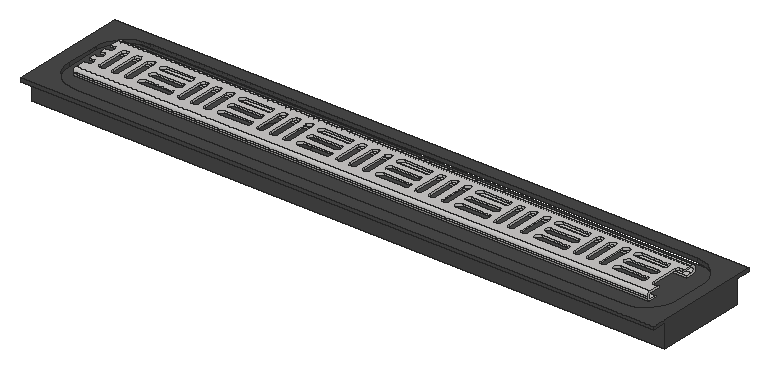
Revit family "Drain-Linear_CrossHatch_Noble_FreeStyle", category Plumbing Fixtures, host Face, Revit 2015
Parameters (values of type "24in ABS")
  Weight = "10 lbs"
  URL = "www.noblecompany.com"
  Type Comments = ""
  Product Properties = "http://www.noblecompany.com/Portals/0/PRODUCT%20INFO/Product%20Descriptions/FreeStyle%20Linear%20Drain%20Product%20Decription%200410.pdf"
  Product Data = "http://www.noblecompany.com/Products/ShowerProducts/tabid/59/Default.aspx"
  Plate = Stainless Steel - Brushed
  Model = "Freestyle 24 ABS - Cross Hatch"
  Manufacturer Phone - Toll Free = "800-878-5788"
  Manufacturer Phone = "231-799-8000"
  Manufacturer Fax = "231-799-8850"
  Manufacturer Email = "mailto:sales@noblecompany.com"
  Manufacturer Address = "7300 Enterprise Drive, Spring Lake, MI  49456 USA"
  Manufacturer = "Noble Company"
  Installation-Fabrication = "http://www.noblecompany.com/Portals/0/PRODUCT%20INFO/Product%20Descriptions/FreeStyle%20Linear%20Drain%20Product%20Decription%200410.pdf"
  GPM = 0 GPM
  Description = "Freestyle 24 ABS - Cross Hatch Linear Drain"
  Building Codes = "http://www.noblecompany.com/Portals/0/TECHNICAL%20INFO/Listing_Testing_Certification_Reports/PMG-1065%20Noble%20Company%20Linear%20Drain%20final%202.pdf"
  Base = ABS
  B = 21 3/4"
  Assembly Code = "D2030300"
  A = 24"
  Default Elevation = 0"
  D = 1 1/4"
  C = 15 3/4"
Types (14): name | Model | Description | Base | B | A | D | C
  24in ABS | "Freestyle 24 ABS - Cross Hatch" | "Freestyle 24 ABS - Cross Hatch Linear Drain" | ABS | 21 3/4" | 24" | 1 1/4" | 15 3/4"
  32in ABS | "Freestyle 32 ABS - Cross Hatch" | "Freestyle 32 ABS - Cross Hatch Linear Drain" | ABS | 29 3/4" | 32" | 1 3/8" | 19 1/2"
  36in ABS | "Freestyle 36 ABS - Cross Hatch" | "Freestyle 36 ABS - Cross Hatch Linear Drain" | ABS | 33 3/4" | 36" | 1 3/8" | 21 3/4"
  40in ABS | "Freestyle 40 ABS - Cross Hatch" | "Freestyle 40 ABS - Cross Hatch Linear Drain" | ABS | 37 3/4" | 40" | 1 7/16" | 23 3/4"
  48in ABS | "Freestyle 48 ABS - Cross Hatch" | "Freestyle 48 ABS - Cross Hatch Linear Drain" | ABS | 45 3/4" | 48" | 1 1/2" | 27 3/4"
  54in ABS | "Freestyle 54 ABS - Cross Hatch" | "Freestyle 54 ABS - Cross Hatch Linear Drain" | ABS | 51 3/4" | 54" | 1 9/16" | 30 3/4"
  60in ABS | "Freestyle 60 ABS - Cross Hatch" | "Freestyle 60 ABS - Cross Hatch Linear Drain" | ABS | 57 3/4" | 60" | 1 5/8" | 33 3/4"
  24in PVC | "Freestyle 24 PVC - Cross Hatch" | "Freestyle 24 PVC - Cross Hatch Linear Drain" | PVC | 21 3/4" | 24" | 1 1/4" | 15 3/4"
  32in PVC | "Freestyle 32 PVC - Cross Hatch" | "Freestyle 32 PVC - Cross Hatch Linear Drain" | PVC | 29 3/4" | 32" | 1 3/8" | 19 1/2"
  36in PVC | "Freestyle 36 PVC - Cross Hatch" | "Freestyle 36 PVC - Cross Hatch Linear Drain" | PVC | 33 3/4" | 36" | 1 3/8" | 21 3/4"
  40in PVC | "Freestyle 40 PVC - Cross Hatch" | "Freestyle 40 PVC - Cross Hatch Linear Drain" | PVC | 37 3/4" | 40" | 1 7/16" | 23 3/4"
  48in PVC | "Freestyle 48 PVC - Cross Hatch" | "Freestyle 48 PVC - Cross Hatch Linear Drain" | PVC | 45 3/4" | 48" | 1 1/2" | 27 3/4"
  54in PVC | "Freestyle 54 PVC - Cross Hatch" | "Freestyle 54 PVC - Cross Hatch Linear Drain" | PVC | 51 3/4" | 54" | 1 9/16" | 30 3/4"
  60in PVC | "Freestyle 60 PVC - Cross Hatch" | "Freestyle 60 PVC - Cross Hatch Linear Drain" | PVC | 57 3/4" | 60" | 1 5/8" | 33 3/4"
Reference planes (in)
  plane 1 "Center (Front/Back)": y = 0
  plane 2: z = 0
  plane 3 "Center (Left/Right)": x = 0
  plane 4: z = -1.25
  plane 5: z = -3.68399
  plane 6: z = -1.25
  plane 7: y = 1.6875
  plane 8: y = -1.6875
  plane 9: z = -0.375
  plane 10: y = 2.25
  plane 11: y = -2.25
  plane 12: z = -0.3125
  plane 13: x = 12
  plane 14: x = -12
  plane 15: x = 10.875
  plane 16: x = -3.75
  plane 17: x = -10.875
  plane 18: z = -0.125
Forms (in)
  Extrusion 1, void, detail levels medium+fine
    sketch origin (0, 0, 0) x (1, 0, 0) y (0, 1, 0)
      loop
        circle (-3.75, 0) r 1
    from -60 to 34.55449
  Extrusion 2, solid, material "ABS" <- "Base", detail levels medium+fine
    sketch origin (10.05986, 0, 0) x (0, 1, 0) y (0, 0, 1)
      loop
        line (2.25, -0.375) -> (2.25, -0.25) -> (-2.25, -0.25) -> (-2.25, -0.375) -> (-1.6875, -0.375) -> (-1.6875, -1.25) -> (1.6875, -1.25) -> (1.6875, -0.375) -> (2.25, -0.375)
    from -22.05986 to 1.94014
  Extrusion 3, void
    sketch origin (10.05986, 0, 0) x (1, 0, 0) y (0, 1, 0)
      loop
        arc (-20.37906, 1.769) -> (-21.18512, 1.43512) -> (-21.519, 0.62906) r 1.13994
        line (-21.519, 0.62906) -> (-21.519, -0.63005)
        arc (-21.519, -0.63005) -> (-21.18541, -1.43541) -> (-20.38005, -1.769) r 1.13895
        line (-20.38005, -1.769) -> (0.37931, -1.769)
        arc (0.37931, -1.769) -> (1.18519, -1.43519) -> (1.519, -0.62931) r 1.13969
        line (1.519, -0.62931) -> (1.519, 0.62118)
        arc (1.519, 0.62118) -> (1.18281, 1.43281) -> (0.37118, 1.769) r 1.14782
        line (0.37118, 1.769) -> (-20.37906, 1.769)
    from -0.375 to 0
  Extrusion 4, void
    sketch origin (0, 0, 0) x (1, 0, 0) y (0, 1, 0)
      loop
        line (11, 1.269) -> (-11, 1.269) -> (-11, -1.269) -> (11, -1.269) -> (11, 1.269)
    from -0.125 to 0
  Extrusion 5, void, detail levels fine
    sketch origin (0, 0, 0) x (0, 1, 0) y (0, 0, 1)
      loop
        line (2.25, -0.375) -> (2.25, -0.125) -> (-2.25, -0.125) -> (-2.25, -0.375) -> (-1.6875, -0.375) -> (-1.6875, -1.25) -> (1.6875, -1.25) -> (1.6875, -0.375) -> (2.25, -0.375)
    from -12 to 12
Cuts and joins
  Extrusion 1, Extrusion 3 cuts Extrusion 2
Lines and regions (in)
  model lines, detail levels coarse+medium
    curve 1: line (-3.75, 0, 0) -> (-3.75, 0, -1.25)
  model lines, style "PlumbingFixtures", detail levels coarse
    curve 2: line (-12, 2.25, 0) -> (-12, -2.25, 0)
    curve 3: line (-12, 2.25, 0) -> (12, 2.25, 0)
    curve 4: line (12, 2.25, 0) -> (12, -2.25, 0)
    curve 5: line (-12, -2.25, 0) -> (12, -2.25, 0)
    curve 6: line (12, 0, 0) -> (-12, 0, 0)
Dimensions and locks (in)
  "D": plane 2 to plane 4
  locked: plane 4 to plane 5 at 2.43399
  "D": plane 6 to level
  equal spacing: plane 7, plane 1 "Center (Front/Back)", plane 8, locked at 1.6875 each
  locked: plane 9 to level at 0.375
  plane 7 to plane 8 = 3 3/8"
  locked: plane 10 to plane 7 at 0.5625
  locked: plane 8 to plane 11 at 0.5625
  "A": plane 14 to plane 13
  locked: plane 15 to plane 13 at 1.125
  "C": plane 16 to plane 13
  locked: plane 14 to plane 17 at 1.125
  locked: Extrusion 3 sketch curve to plane 13 at 0.42114
  locked: plane 14 to Extrusion 3 sketch curve at 0.54086
  equal spacing: plane 14, plane 3 "Center (Left/Right)", plane 13
  locked: plane 9 to plane 12 at 0.0625
  locked: level to plane 18 at 0.125
  level to Extrusion 2 sketch curve = 1/4"
  locked: plane 15 to Extrusion 4 sketch curve at 0.125
  locked: Extrusion 4 sketch curve to plane 17 at 0.125
  radius of Extrusion 1 sketch curve = 1"
  aligned and locked: plane 2 to host face
  aligned and locked: level to host face
  aligned and locked: plane 1 "Center (Front/Back)" to Extrusion 1 sketch curve
  aligned and locked: plane 13 to Extrusion 2
  aligned and locked: plane 16 to Extrusion 1 sketch curve
  aligned and locked: plane 10 to Extrusion 5 sketch curve
  aligned and locked: plane 9 to Extrusion 5 sketch curve
  aligned and locked: plane 7 to Extrusion 5 sketch curve
  aligned and locked: plane 4 to Extrusion 5 sketch curve
  aligned and locked: plane 11 to Extrusion 5 sketch curve
  aligned and locked: Extrusion 5 sketch curve to plane 8
  aligned and locked: Extrusion 5 to plane 14
  aligned and locked: plane 13 to Extrusion 5
  aligned and locked: curve 6 to plane 1 "Center (Front/Back)"
  aligned and locked: plane 14 to curve 6
  aligned and locked: plane 13 to curve 6
  aligned and locked: curve 1 to plane 16
  aligned and locked: level to curve 1
  aligned and locked: plane 6 to curve 1
  aligned and locked: Extrusion 2 to plane 14
  aligned and locked: plane 3 "Center (Left/Right)" to nested 1
  aligned and locked: plane 1 "Center (Front/Back)" to nested 1
  aligned and locked: plane 12 to nested 1
  aligned and locked: plane 9 to Extrusion 3
  aligned and locked: Extrusion 4 to plane 18
  aligned and locked: level to Extrusion 4
Automatic sketch dimensions
  host sketch curve to host sketch curve = 48 1/4"
  host sketch curve to host sketch curve = 96"
  plane 9 to Extrusion 2 sketch curve = 0"  (x2)
  Extrusion 2 sketch curve to plane 11 = 0"
  Extrusion 2 sketch curve to plane 4 = 0"
  Extrusion 2 sketch curve to plane 8 = 0"
  Extrusion 2 sketch curve to plane 7 = 0"
  Extrusion 2 sketch curve to plane 10 = 0"
  Extrusion 3 sketch curve to plane 8 = 0.0815"
  plane 17 to Extrusion 3 sketch curve = 0.55481"
  Extrusion 3 sketch curve to plane 7 = 0.0815"
  plane 17 to Extrusion 3 sketch curve = 0.5558"
  Extrusion 3 sketch curve to plane 15 = 0.44396"
  Extrusion 3 sketch curve to plane 15 = 0.43583"
  curve 2 to plane 10 = 0"
  curve 5 to plane 11 = 0"
  plane 9 to Extrusion 5 sketch curve = 0"
  Extrusion 5 sketch curve to plane 18 = 0"
  plane 8 to Extrusion 4 sketch curve = 0.4185"
  plane 7 to Extrusion 4 sketch curve = 0.4185"
Nested families (in)
  nested 1: "Strainer" at (-12.24848, 0, -0.3125), type "24"", detail levels fine
    with Strainer Length 21 3/4"
Connectors (in)
  piping at (-3.75, 0, -1.25), diameter 2, driven by "GPM"
    settings: on cut or joined group of Extrusion 1, Extrusion 2, Extrusion 3, index 1, connector inside diameter 2", connector length 0", flow factor 0, pipe flow 0 GPM, pressure drop 0.00 psi, fitting loss kfactor 0, connector angle 0.00°, fixture units 0, engagement length 0", angle of deflection 0.00°, flow configuration 0, flow direction 2, fitting loss method 0, system type 16, joint type 0, gender type 0, connector reference index -1, connector utility 0, adjustable connector no, is connector primary yes, connector description ""
Definition of nested family "Strainer"
  Parameters
    Strainer Width = 2 1/4"
    Strainer Height = 5/16"
    Strainer Length = 26 1/4"
    Strainer Finish = none
  Reference planes (in)
    plane 1 "Center (Front/Back)": y = 0
    plane 2: z = 0
    plane 3 "Center (Left/Right)": x = 12.24848
    plane 4: y = 1.125
    plane 5: y = -1.125
    plane 6: x = 42.24848
    plane 7: x = -17.75152
    plane 8: z = 0.3125
    plane 9: x = -0.87652
    plane 10: x = 25.37348
  Forms (in)
    Extrusion 1, solid, material <- "Strainer Finish", detail levels medium+fine
      sketch origin (0, 0, 0) x (1, 0, 0) y (0, 1, 0)
        loop
          line (-16.62652, 1.1245) -> (-16.62652, -1.1245) -> (41.12348, -1.1245) -> (41.12348, 1.1245) -> (-16.62652, 1.1245)
        loop
          line (11.35785, 0.5) -> (11.35785, -0.5)
          arc (11.35785, -0.5) -> (11.49848, -0.64063) -> (11.6391, -0.5) r 0.14063
          line (11.6391, -0.5) -> (11.6391, 0.5)
          arc (11.6391, 0.5) -> (11.49848, 0.64062) -> (11.35785, 0.5) r 0.14063
        loop
          line (11.85785, 0.5) -> (11.85785, -0.5)
          arc (11.85785, -0.5) -> (11.99848, -0.64063) -> (12.1391, -0.5) r 0.14063
          line (12.1391, -0.5) -> (12.1391, 0.5)
          arc (12.1391, 0.5) -> (11.99848, 0.64062) -> (11.85785, 0.5) r 0.14063
        loop
          arc (11.1391, 0.5) -> (10.99848, 0.64062) -> (10.85785, 0.5) r 0.14063
          line (10.85785, 0.5) -> (10.85785, -0.5)
          arc (10.85785, -0.5) -> (10.99848, -0.64063) -> (11.1391, -0.5) r 0.14063
          line (11.1391, -0.5) -> (11.1391, 0.5)
        loop
          line (12.49848, -0.14063) -> (13.49848, -0.14063)
          arc (13.49848, -0.14063) -> (13.6391, 0) -> (13.49848, 0.14062) r 0.14063
          line (13.49848, 0.14062) -> (12.49848, 0.14062)
          arc (12.49848, 0.14062) -> (12.35785, 0) -> (12.49848, -0.14063) r 0.14063
        loop
          line (12.49848, 0.35937) -> (13.49848, 0.35937)
          arc (13.49848, 0.35937) -> (13.6391, 0.5) -> (13.49848, 0.64062) r 0.14063
          line (13.49848, 0.64062) -> (12.49848, 0.64062)
          arc (12.49848, 0.64062) -> (12.35785, 0.5) -> (12.49848, 0.35937) r 0.14063
        loop
          arc (12.49848, -0.35938) -> (12.35785, -0.5) -> (12.49848, -0.64063) r 0.14063
          line (12.49848, -0.64063) -> (13.49848, -0.64063)
          arc (13.49848, -0.64063) -> (13.6391, -0.5) -> (13.49848, -0.35938) r 0.14063
          line (13.49848, -0.35938) -> (12.49848, -0.35938)
        loop
          arc (14.6391, 0.5) -> (14.49848, 0.64062) -> (14.35785, 0.5) r 0.14063
          line (14.35785, 0.5) -> (14.35785, -0.5)
          arc (14.35785, -0.5) -> (14.49848, -0.64063) -> (14.6391, -0.5) r 0.14063
          line (14.6391, -0.5) -> (14.6391, 0.5)
        loop
          arc (14.1391, 0.5) -> (13.99848, 0.64062) -> (13.85785, 0.5) r 0.14063
          line (13.85785, 0.5) -> (13.85785, -0.5)
          arc (13.85785, -0.5) -> (13.99848, -0.64063) -> (14.1391, -0.5) r 0.14063
          line (14.1391, -0.5) -> (14.1391, 0.5)
        loop
          line (14.85785, 0.5) -> (14.85785, -0.5)
          arc (14.85785, -0.5) -> (14.99848, -0.64063) -> (15.1391, -0.5) r 0.14063
          line (15.1391, -0.5) -> (15.1391, 0.5)
          arc (15.1391, 0.5) -> (14.99848, 0.64062) -> (14.85785, 0.5) r 0.14063
        loop
          line (15.49848, -0.14063) -> (16.49848, -0.14063)
          arc (16.49848, -0.14063) -> (16.6391, 0) -> (16.49848, 0.14062) r 0.14063
          line (16.49848, 0.14062) -> (15.49848, 0.14062)
          arc (15.49848, 0.14062) -> (15.35785, 0) -> (15.49848, -0.14063) r 0.14063
        loop
          line (15.49848, 0.35937) -> (16.49848, 0.35937)
          arc (16.49848, 0.35937) -> (16.6391, 0.5) -> (16.49848, 0.64062) r 0.14063
          line (16.49848, 0.64062) -> (15.49848, 0.64062)
          arc (15.49848, 0.64062) -> (15.35785, 0.5) -> (15.49848, 0.35937) r 0.14063
        loop
          arc (15.49848, -0.35938) -> (15.35785, -0.5) -> (15.49848, -0.64063) r 0.14063
          line (15.49848, -0.64063) -> (16.49848, -0.64063)
          arc (16.49848, -0.64063) -> (16.6391, -0.5) -> (16.49848, -0.35938) r 0.14063
          line (16.49848, -0.35938) -> (15.49848, -0.35938)
        loop
          arc (17.6391, 0.5) -> (17.49848, 0.64062) -> (17.35785, 0.5) r 0.14063
          line (17.35785, 0.5) -> (17.35785, -0.5)
          arc (17.35785, -0.5) -> (17.49848, -0.64063) -> (17.6391, -0.5) r 0.14063
          line (17.6391, -0.5) -> (17.6391, 0.5)
        loop
          arc (17.1391, 0.5) -> (16.99848, 0.64062) -> (16.85785, 0.5) r 0.14063
          line (16.85785, 0.5) -> (16.85785, -0.5)
          arc (16.85785, -0.5) -> (16.99848, -0.64063) -> (17.1391, -0.5) r 0.14063
          line (17.1391, -0.5) -> (17.1391, 0.5)
        loop
          line (17.85785, 0.5) -> (17.85785, -0.5)
          arc (17.85785, -0.5) -> (17.99848, -0.64063) -> (18.1391, -0.5) r 0.14063
          line (18.1391, -0.5) -> (18.1391, 0.5)
          arc (18.1391, 0.5) -> (17.99848, 0.64062) -> (17.85785, 0.5) r 0.14063
        loop
          line (18.49848, -0.14063) -> (19.49848, -0.14063)
          arc (19.49848, -0.14063) -> (19.6391, 0) -> (19.49848, 0.14062) r 0.14063
          line (19.49848, 0.14062) -> (18.49848, 0.14062)
          arc (18.49848, 0.14062) -> (18.35785, 0) -> (18.49848, -0.14063) r 0.14063
        loop
          line (18.49848, 0.35937) -> (19.49848, 0.35937)
          arc (19.49848, 0.35937) -> (19.6391, 0.5) -> (19.49848, 0.64062) r 0.14063
          line (19.49848, 0.64062) -> (18.49848, 0.64062)
          arc (18.49848, 0.64062) -> (18.35785, 0.5) -> (18.49848, 0.35937) r 0.14063
        loop
          arc (18.49848, -0.35938) -> (18.35785, -0.5) -> (18.49848, -0.64063) r 0.14063
          line (18.49848, -0.64063) -> (19.49848, -0.64063)
          arc (19.49848, -0.64063) -> (19.6391, -0.5) -> (19.49848, -0.35938) r 0.14063
          line (19.49848, -0.35938) -> (18.49848, -0.35938)
        loop
          arc (20.6391, 0.5) -> (20.49848, 0.64062) -> (20.35785, 0.5) r 0.14063
          line (20.35785, 0.5) -> (20.35785, -0.5)
          arc (20.35785, -0.5) -> (20.49848, -0.64063) -> (20.6391, -0.5) r 0.14063
          line (20.6391, -0.5) -> (20.6391, 0.5)
        loop
          arc (20.1391, 0.5) -> (19.99848, 0.64062) -> (19.85785, 0.5) r 0.14063
          line (19.85785, 0.5) -> (19.85785, -0.5)
          arc (19.85785, -0.5) -> (19.99848, -0.64063) -> (20.1391, -0.5) r 0.14063
          line (20.1391, -0.5) -> (20.1391, 0.5)
        loop
          line (20.85785, 0.5) -> (20.85785, -0.5)
          arc (20.85785, -0.5) -> (20.99848, -0.64063) -> (21.1391, -0.5) r 0.14063
          line (21.1391, -0.5) -> (21.1391, 0.5)
          arc (21.1391, 0.5) -> (20.99848, 0.64062) -> (20.85785, 0.5) r 0.14063
        loop
          line (21.49848, -0.14063) -> (22.49848, -0.14063)
          arc (22.49848, -0.14063) -> (22.6391, 0) -> (22.49848, 0.14062) r 0.14063
          line (22.49848, 0.14062) -> (21.49848, 0.14062)
          arc (21.49848, 0.14062) -> (21.35785, 0) -> (21.49848, -0.14063) r 0.14063
        loop
          line (21.49848, 0.35937) -> (22.49848, 0.35937)
          arc (22.49848, 0.35937) -> (22.6391, 0.5) -> (22.49848, 0.64062) r 0.14063
          line (22.49848, 0.64062) -> (21.49848, 0.64062)
          arc (21.49848, 0.64062) -> (21.35785, 0.5) -> (21.49848, 0.35937) r 0.14063
        loop
          arc (21.49848, -0.35938) -> (21.35785, -0.5) -> (21.49848, -0.64063) r 0.14063
          line (21.49848, -0.64063) -> (22.49848, -0.64063)
          arc (22.49848, -0.64063) -> (22.6391, -0.5) -> (22.49848, -0.35938) r 0.14063
          line (22.49848, -0.35938) -> (21.49848, -0.35938)
        loop
          arc (23.6391, 0.5) -> (23.49848, 0.64062) -> (23.35785, 0.5) r 0.14063
          line (23.35785, 0.5) -> (23.35785, -0.5)
          arc (23.35785, -0.5) -> (23.49848, -0.64063) -> (23.6391, -0.5) r 0.14063
          line (23.6391, -0.5) -> (23.6391, 0.5)
        loop
          arc (23.1391, 0.5) -> (22.99848, 0.64062) -> (22.85785, 0.5) r 0.14063
          line (22.85785, 0.5) -> (22.85785, -0.5)
          arc (22.85785, -0.5) -> (22.99848, -0.64063) -> (23.1391, -0.5) r 0.14063
          line (23.1391, -0.5) -> (23.1391, 0.5)
        loop
          line (23.85785, 0.5) -> (23.85785, -0.5)
          arc (23.85785, -0.5) -> (23.99848, -0.64063) -> (24.1391, -0.5) r 0.14063
          line (24.1391, -0.5) -> (24.1391, 0.5)
          arc (24.1391, 0.5) -> (23.99848, 0.64062) -> (23.85785, 0.5) r 0.14063
        loop
          line (24.49848, -0.14063) -> (25.49848, -0.14063)
          arc (25.49848, -0.14063) -> (25.6391, 0) -> (25.49848, 0.14062) r 0.14063
          line (25.49848, 0.14062) -> (24.49848, 0.14062)
          arc (24.49848, 0.14062) -> (24.35785, 0) -> (24.49848, -0.14063) r 0.14063
        loop
          line (24.49848, 0.35937) -> (25.49848, 0.35937)
          arc (25.49848, 0.35937) -> (25.6391, 0.5) -> (25.49848, 0.64062) r 0.14063
          line (25.49848, 0.64062) -> (24.49848, 0.64062)
          arc (24.49848, 0.64062) -> (24.35785, 0.5) -> (24.49848, 0.35937) r 0.14063
        loop
          arc (24.49848, -0.35938) -> (24.35785, -0.5) -> (24.49848, -0.64063) r 0.14063
          line (24.49848, -0.64063) -> (25.49848, -0.64063)
          arc (25.49848, -0.64063) -> (25.6391, -0.5) -> (25.49848, -0.35938) r 0.14063
          line (25.49848, -0.35938) -> (24.49848, -0.35938)
        loop
          arc (26.6391, 0.5) -> (26.49848, 0.64062) -> (26.35785, 0.5) r 0.14063
          line (26.35785, 0.5) -> (26.35785, -0.5)
          arc (26.35785, -0.5) -> (26.49848, -0.64063) -> (26.6391, -0.5) r 0.14063
          line (26.6391, -0.5) -> (26.6391, 0.5)
        loop
          arc (26.1391, 0.5) -> (25.99848, 0.64062) -> (25.85785, 0.5) r 0.14063
          line (25.85785, 0.5) -> (25.85785, -0.5)
          arc (25.85785, -0.5) -> (25.99848, -0.64063) -> (26.1391, -0.5) r 0.14063
          line (26.1391, -0.5) -> (26.1391, 0.5)
        loop
          line (26.85785, 0.5) -> (26.85785, -0.5)
          arc (26.85785, -0.5) -> (26.99848, -0.64063) -> (27.1391, -0.5) r 0.14063
          line (27.1391, -0.5) -> (27.1391, 0.5)
          arc (27.1391, 0.5) -> (26.99848, 0.64062) -> (26.85785, 0.5) r 0.14063
        loop
          line (27.49848, -0.14063) -> (28.49848, -0.14063)
          arc (28.49848, -0.14063) -> (28.6391, 0) -> (28.49848, 0.14062) r 0.14063
          line (28.49848, 0.14062) -> (27.49848, 0.14062)
          arc (27.49848, 0.14062) -> (27.35785, 0) -> (27.49848, -0.14063) r 0.14063
        loop
          line (27.49848, 0.35937) -> (28.49848, 0.35937)
          arc (28.49848, 0.35937) -> (28.6391, 0.5) -> (28.49848, 0.64062) r 0.14063
          line (28.49848, 0.64062) -> (27.49848, 0.64062)
          arc (27.49848, 0.64062) -> (27.35785, 0.5) -> (27.49848, 0.35937) r 0.14063
        loop
          arc (27.49848, -0.35938) -> (27.35785, -0.5) -> (27.49848, -0.64063) r 0.14063
          line (27.49848, -0.64063) -> (28.49848, -0.64063)
          arc (28.49848, -0.64063) -> (28.6391, -0.5) -> (28.49848, -0.35938) r 0.14063
          line (28.49848, -0.35938) -> (27.49848, -0.35938)
        loop
          arc (29.6391, 0.5) -> (29.49848, 0.64062) -> (29.35785, 0.5) r 0.14063
          line (29.35785, 0.5) -> (29.35785, -0.5)
          arc (29.35785, -0.5) -> (29.49848, -0.64063) -> (29.6391, -0.5) r 0.14063
          line (29.6391, -0.5) -> (29.6391, 0.5)
        loop
          arc (29.1391, 0.5) -> (28.99848, 0.64062) -> (28.85785, 0.5) r 0.14063
          line (28.85785, 0.5) -> (28.85785, -0.5)
          arc (28.85785, -0.5) -> (28.99848, -0.64063) -> (29.1391, -0.5) r 0.14063
          line (29.1391, -0.5) -> (29.1391, 0.5)
        loop
          line (29.85785, 0.5) -> (29.85785, -0.5)
          arc (29.85785, -0.5) -> (29.99848, -0.64063) -> (30.1391, -0.5) r 0.14063
          line (30.1391, -0.5) -> (30.1391, 0.5)
          arc (30.1391, 0.5) -> (29.99848, 0.64062) -> (29.85785, 0.5) r 0.14063
        loop
          line (30.49848, -0.14063) -> (31.49848, -0.14063)
          arc (31.49848, -0.14063) -> (31.6391, 0) -> (31.49848, 0.14062) r 0.14063
          line (31.49848, 0.14062) -> (30.49848, 0.14062)
          arc (30.49848, 0.14062) -> (30.35785, 0) -> (30.49848, -0.14063) r 0.14063
        loop
          line (30.49848, 0.35937) -> (31.49848, 0.35937)
          arc (31.49848, 0.35937) -> (31.6391, 0.5) -> (31.49848, 0.64062) r 0.14063
          line (31.49848, 0.64062) -> (30.49848, 0.64062)
          arc (30.49848, 0.64062) -> (30.35785, 0.5) -> (30.49848, 0.35937) r 0.14063
        loop
          arc (30.49848, -0.35938) -> (30.35785, -0.5) -> (30.49848, -0.64063) r 0.14063
          line (30.49848, -0.64063) -> (31.49848, -0.64063)
          arc (31.49848, -0.64063) -> (31.6391, -0.5) -> (31.49848, -0.35938) r 0.14063
          line (31.49848, -0.35938) -> (30.49848, -0.35938)
        loop
          arc (32.6391, 0.5) -> (32.49848, 0.64062) -> (32.35785, 0.5) r 0.14063
          line (32.35785, 0.5) -> (32.35785, -0.5)
          arc (32.35785, -0.5) -> (32.49848, -0.64063) -> (32.6391, -0.5) r 0.14063
          line (32.6391, -0.5) -> (32.6391, 0.5)
        loop
          arc (32.1391, 0.5) -> (31.99848, 0.64062) -> (31.85785, 0.5) r 0.14063
          line (31.85785, 0.5) -> (31.85785, -0.5)
          arc (31.85785, -0.5) -> (31.99848, -0.64063) -> (32.1391, -0.5) r 0.14063
          line (32.1391, -0.5) -> (32.1391, 0.5)
        loop
          line (32.85785, 0.5) -> (32.85785, -0.5)
          arc (32.85785, -0.5) -> (32.99848, -0.64063) -> (33.1391, -0.5) r 0.14063
          line (33.1391, -0.5) -> (33.1391, 0.5)
          arc (33.1391, 0.5) -> (32.99848, 0.64062) -> (32.85785, 0.5) r 0.14063
        loop
          line (33.49848, -0.14063) -> (34.49848, -0.14063)
          arc (34.49848, -0.14063) -> (34.6391, 0) -> (34.49848, 0.14062) r 0.14063
          line (34.49848, 0.14062) -> (33.49848, 0.14062)
          arc (33.49848, 0.14062) -> (33.35785, 0) -> (33.49848, -0.14063) r 0.14063
        loop
          line (33.49848, 0.35937) -> (34.49848, 0.35937)
          arc (34.49848, 0.35937) -> (34.6391, 0.5) -> (34.49848, 0.64062) r 0.14063
          line (34.49848, 0.64062) -> (33.49848, 0.64062)
          arc (33.49848, 0.64062) -> (33.35785, 0.5) -> (33.49848, 0.35937) r 0.14063
        loop
          arc (33.49848, -0.35938) -> (33.35785, -0.5) -> (33.49848, -0.64063) r 0.14063
          line (33.49848, -0.64063) -> (34.49848, -0.64063)
          arc (34.49848, -0.64063) -> (34.6391, -0.5) -> (34.49848, -0.35938) r 0.14063
          line (34.49848, -0.35938) -> (33.49848, -0.35938)
        loop
          arc (35.6391, 0.5) -> (35.49848, 0.64062) -> (35.35785, 0.5) r 0.14063
          line (35.35785, 0.5) -> (35.35785, -0.5)
          arc (35.35785, -0.5) -> (35.49848, -0.64063) -> (35.6391, -0.5) r 0.14063
          line (35.6391, -0.5) -> (35.6391, 0.5)
        loop
          arc (35.1391, 0.5) -> (34.99848, 0.64062) -> (34.85785, 0.5) r 0.14063
          line (34.85785, 0.5) -> (34.85785, -0.5)
          arc (34.85785, -0.5) -> (34.99848, -0.64063) -> (35.1391, -0.5) r 0.14063
          line (35.1391, -0.5) -> (35.1391, 0.5)
        loop
          line (35.85785, 0.5) -> (35.85785, -0.5)
          arc (35.85785, -0.5) -> (35.99848, -0.64063) -> (36.1391, -0.5) r 0.14063
          line (36.1391, -0.5) -> (36.1391, 0.5)
          arc (36.1391, 0.5) -> (35.99848, 0.64062) -> (35.85785, 0.5) r 0.14063
        loop
          line (36.49848, -0.14063) -> (37.49848, -0.14063)
          arc (37.49848, -0.14063) -> (37.6391, 0) -> (37.49848, 0.14062) r 0.14063
          line (37.49848, 0.14062) -> (36.49848, 0.14062)
          arc (36.49848, 0.14062) -> (36.35785, 0) -> (36.49848, -0.14063) r 0.14063
        loop
          line (36.49848, 0.35937) -> (37.49848, 0.35937)
          arc (37.49848, 0.35937) -> (37.6391, 0.5) -> (37.49848, 0.64062) r 0.14063
          line (37.49848, 0.64062) -> (36.49848, 0.64062)
          arc (36.49848, 0.64062) -> (36.35785, 0.5) -> (36.49848, 0.35937) r 0.14063
        loop
          arc (36.49848, -0.35938) -> (36.35785, -0.5) -> (36.49848, -0.64063) r 0.14063
          line (36.49848, -0.64063) -> (37.49848, -0.64063)
          arc (37.49848, -0.64063) -> (37.6391, -0.5) -> (37.49848, -0.35938) r 0.14063
          line (37.49848, -0.35938) -> (36.49848, -0.35938)
        loop
          arc (38.6391, 0.5) -> (38.49848, 0.64062) -> (38.35785, 0.5) r 0.14063
          line (38.35785, 0.5) -> (38.35785, -0.5)
          arc (38.35785, -0.5) -> (38.49848, -0.64063) -> (38.6391, -0.5) r 0.14063
          line (38.6391, -0.5) -> (38.6391, 0.5)
        loop
          arc (38.1391, 0.5) -> (37.99848, 0.64062) -> (37.85785, 0.5) r 0.14063
          line (37.85785, 0.5) -> (37.85785, -0.5)
          arc (37.85785, -0.5) -> (37.99848, -0.64063) -> (38.1391, -0.5) r 0.14063
          line (38.1391, -0.5) -> (38.1391, 0.5)
        loop
          line (38.85785, 0.5) -> (38.85785, -0.5)
          arc (38.85785, -0.5) -> (38.99848, -0.64063) -> (39.1391, -0.5) r 0.14063
          line (39.1391, -0.5) -> (39.1391, 0.5)
          arc (39.1391, 0.5) -> (38.99848, 0.64062) -> (38.85785, 0.5) r 0.14063
        loop
          line (39.49848, -0.14063) -> (40.49848, -0.14063)
          arc (40.49848, -0.14063) -> (40.6391, 0) -> (40.49848, 0.14062) r 0.14063
          line (40.49848, 0.14062) -> (39.49848, 0.14062)
          arc (39.49848, 0.14062) -> (39.35785, 0) -> (39.49848, -0.14063) r 0.14063
        loop
          line (39.49848, 0.35937) -> (40.49848, 0.35937)
          arc (40.49848, 0.35937) -> (40.6391, 0.5) -> (40.49848, 0.64062) r 0.14063
          line (40.49848, 0.64062) -> (39.49848, 0.64062)
          arc (39.49848, 0.64062) -> (39.35785, 0.5) -> (39.49848, 0.35937) r 0.14063
        loop
          arc (39.49848, -0.35938) -> (39.35785, -0.5) -> (39.49848, -0.64063) r 0.14063
          line (39.49848, -0.64063) -> (40.49848, -0.64063)
          arc (40.49848, -0.64063) -> (40.6391, -0.5) -> (40.49848, -0.35938) r 0.14063
          line (40.49848, -0.35938) -> (39.49848, -0.35938)
        loop
          arc (10.49848, -0.14063) -> (10.6391, 0) -> (10.49848, 0.14062) r 0.14063
          line (10.49848, 0.14062) -> (9.49848, 0.14063)
          arc (9.49848, 0.14063) -> (9.35785, 0) -> (9.49848, -0.14063) r 0.14063
          line (9.49848, -0.14063) -> (10.49848, -0.14063)
        loop
          arc (10.49848, 0.35937) -> (10.6391, 0.5) -> (10.49848, 0.64062) r 0.14063
          line (10.49848, 0.64062) -> (9.49848, 0.64062)
          arc (9.49848, 0.64062) -> (9.35785, 0.5) -> (9.49848, 0.35937) r 0.14063
          line (9.49848, 0.35937) -> (10.49848, 0.35937)
        loop
          line (10.49848, -0.35938) -> (9.49848, -0.35938)
          arc (9.49848, -0.35938) -> (9.35785, -0.5) -> (9.49848, -0.64063) r 0.14063
          line (9.49848, -0.64063) -> (10.49848, -0.64063)
          arc (10.49848, -0.64063) -> (10.6391, -0.5) -> (10.49848, -0.35938) r 0.14063
        loop
          line (8.35785, 0.5) -> (8.35785, -0.5)
          arc (8.35785, -0.5) -> (8.49848, -0.64063) -> (8.6391, -0.5) r 0.14063
          line (8.6391, -0.5) -> (8.6391, 0.5)
          arc (8.6391, 0.5) -> (8.49848, 0.64062) -> (8.35785, 0.5) r 0.14063
        loop
          line (8.85785, 0.5) -> (8.85785, -0.5)
          arc (8.85785, -0.5) -> (8.99848, -0.64063) -> (9.1391, -0.5) r 0.14063
          line (9.1391, -0.5) -> (9.1391, 0.5)
          arc (9.1391, 0.5) -> (8.99848, 0.64062) -> (8.85785, 0.5) r 0.14063
        loop
          arc (8.1391, 0.5) -> (7.99848, 0.64062) -> (7.85785, 0.5) r 0.14063
          line (7.85785, 0.5) -> (7.85785, -0.5)
          arc (7.85785, -0.5) -> (7.99848, -0.64063) -> (8.1391, -0.5) r 0.14063
          line (8.1391, -0.5) -> (8.1391, 0.5)
        loop
          arc (7.49848, -0.14063) -> (7.6391, 0) -> (7.49848, 0.14062) r 0.14063
          line (7.49848, 0.14062) -> (6.49848, 0.14063)
          arc (6.49848, 0.14063) -> (6.35785, 0) -> (6.49848, -0.14063) r 0.14063
          line (6.49848, -0.14063) -> (7.49848, -0.14063)
        loop
          arc (7.49848, 0.35937) -> (7.6391, 0.5) -> (7.49848, 0.64062) r 0.14063
          line (7.49848, 0.64062) -> (6.49848, 0.64062)
          arc (6.49848, 0.64062) -> (6.35785, 0.5) -> (6.49848, 0.35937) r 0.14063
          line (6.49848, 0.35937) -> (7.49848, 0.35937)
        loop
          line (7.49848, -0.35938) -> (6.49848, -0.35938)
          arc (6.49848, -0.35938) -> (6.35785, -0.5) -> (6.49848, -0.64063) r 0.14063
          line (6.49848, -0.64063) -> (7.49848, -0.64063)
          arc (7.49848, -0.64063) -> (7.6391, -0.5) -> (7.49848, -0.35938) r 0.14063
        loop
          line (5.35785, 0.5) -> (5.35785, -0.5)
          arc (5.35785, -0.5) -> (5.49848, -0.64063) -> (5.6391, -0.5) r 0.14063
          line (5.6391, -0.5) -> (5.6391, 0.5)
          arc (5.6391, 0.5) -> (5.49848, 0.64062) -> (5.35785, 0.5) r 0.14063
        loop
          line (5.85785, 0.5) -> (5.85785, -0.5)
          arc (5.85785, -0.5) -> (5.99848, -0.64063) -> (6.1391, -0.5) r 0.14063
          line (6.1391, -0.5) -> (6.1391, 0.5)
          arc (6.1391, 0.5) -> (5.99848, 0.64062) -> (5.85785, 0.5) r 0.14063
        loop
          arc (5.1391, 0.5) -> (4.99848, 0.64062) -> (4.85785, 0.5) r 0.14063
          line (4.85785, 0.5) -> (4.85785, -0.5)
          arc (4.85785, -0.5) -> (4.99848, -0.64063) -> (5.1391, -0.5) r 0.14063
          line (5.1391, -0.5) -> (5.1391, 0.5)
        loop
          arc (4.49848, -0.14063) -> (4.6391, 0) -> (4.49848, 0.14062) r 0.14063
          line (4.49848, 0.14062) -> (3.49848, 0.14063)
          arc (3.49848, 0.14063) -> (3.35785, 0) -> (3.49848, -0.14063) r 0.14063
          line (3.49848, -0.14063) -> (4.49848, -0.14063)
        loop
          arc (4.49848, 0.35937) -> (4.6391, 0.5) -> (4.49848, 0.64062) r 0.14063
          line (4.49848, 0.64062) -> (3.49848, 0.64062)
          arc (3.49848, 0.64062) -> (3.35785, 0.5) -> (3.49848, 0.35937) r 0.14063
          line (3.49848, 0.35937) -> (4.49848, 0.35937)
        loop
          line (4.49848, -0.35938) -> (3.49848, -0.35938)
          arc (3.49848, -0.35938) -> (3.35785, -0.5) -> (3.49848, -0.64063) r 0.14063
          line (3.49848, -0.64063) -> (4.49848, -0.64063)
          arc (4.49848, -0.64063) -> (4.6391, -0.5) -> (4.49848, -0.35938) r 0.14063
        loop
          line (2.35785, 0.5) -> (2.35785, -0.5)
          arc (2.35785, -0.5) -> (2.49848, -0.64063) -> (2.6391, -0.5) r 0.14063
          line (2.6391, -0.5) -> (2.6391, 0.5)
          arc (2.6391, 0.5) -> (2.49848, 0.64062) -> (2.35785, 0.5) r 0.14063
        loop
          line (2.85785, 0.5) -> (2.85785, -0.5)
          arc (2.85785, -0.5) -> (2.99848, -0.64063) -> (3.1391, -0.5) r 0.14063
          line (3.1391, -0.5) -> (3.1391, 0.5)
          arc (3.1391, 0.5) -> (2.99848, 0.64062) -> (2.85785, 0.5) r 0.14063
        loop
          arc (2.1391, 0.5) -> (1.99848, 0.64062) -> (1.85785, 0.5) r 0.14063
          line (1.85785, 0.5) -> (1.85785, -0.5)
          arc (1.85785, -0.5) -> (1.99848, -0.64063) -> (2.1391, -0.5) r 0.14063
          line (2.1391, -0.5) -> (2.1391, 0.5)
        loop
          arc (1.49848, -0.14063) -> (1.6391, 0) -> (1.49848, 0.14062) r 0.14063
          line (1.49848, 0.14062) -> (0.49848, 0.14063)
          arc (0.49848, 0.14063) -> (0.35785, 0) -> (0.49848, -0.14063) r 0.14063
          line (0.49848, -0.14063) -> (1.49848, -0.14063)
        loop
          arc (1.49848, 0.35937) -> (1.6391, 0.5) -> (1.49848, 0.64062) r 0.14063
          line (1.49848, 0.64062) -> (0.49848, 0.64062)
          arc (0.49848, 0.64062) -> (0.35785, 0.5) -> (0.49848, 0.35937) r 0.14063
          line (0.49848, 0.35937) -> (1.49848, 0.35937)
        loop
          line (1.49848, -0.35938) -> (0.49848, -0.35938)
          arc (0.49848, -0.35938) -> (0.35785, -0.5) -> (0.49848, -0.64063) r 0.14063
          line (0.49848, -0.64063) -> (1.49848, -0.64063)
          arc (1.49848, -0.64063) -> (1.6391, -0.5) -> (1.49848, -0.35938) r 0.14063
        loop
          line (-0.64215, 0.5) -> (-0.64215, -0.5)
          arc (-0.64215, -0.5) -> (-0.50152, -0.64063) -> (-0.3609, -0.5) r 0.14063
          line (-0.3609, -0.5) -> (-0.3609, 0.5)
          arc (-0.3609, 0.5) -> (-0.50152, 0.64062) -> (-0.64215, 0.5) r 0.14063
        loop
          line (-0.14215, 0.5) -> (-0.14215, -0.5)
          arc (-0.14215, -0.5) -> (-0.00152, -0.64063) -> (0.1391, -0.5) r 0.14063
          line (0.1391, -0.5) -> (0.1391, 0.5)
          arc (0.1391, 0.5) -> (-0.00152, 0.64062) -> (-0.14215, 0.5) r 0.14063
        loop
          arc (-0.8609, 0.5) -> (-1.00152, 0.64062) -> (-1.14215, 0.5) r 0.14063
          line (-1.14215, 0.5) -> (-1.14215, -0.5)
          arc (-1.14215, -0.5) -> (-1.00152, -0.64063) -> (-0.8609, -0.5) r 0.14063
          line (-0.8609, -0.5) -> (-0.8609, 0.5)
        loop
          arc (-1.50152, -0.14063) -> (-1.3609, 0) -> (-1.50152, 0.14062) r 0.14063
          line (-1.50152, 0.14062) -> (-2.50152, 0.14063)
          arc (-2.50152, 0.14063) -> (-2.64215, 0) -> (-2.50152, -0.14063) r 0.14063
          line (-2.50152, -0.14063) -> (-1.50152, -0.14063)
        loop
          arc (-1.50152, 0.35937) -> (-1.3609, 0.5) -> (-1.50152, 0.64062) r 0.14063
          line (-1.50152, 0.64062) -> (-2.50152, 0.64062)
          arc (-2.50152, 0.64062) -> (-2.64215, 0.5) -> (-2.50152, 0.35937) r 0.14063
          line (-2.50152, 0.35937) -> (-1.50152, 0.35937)
        loop
          line (-1.50152, -0.35938) -> (-2.50152, -0.35938)
          arc (-2.50152, -0.35938) -> (-2.64215, -0.5) -> (-2.50152, -0.64063) r 0.14063
          line (-2.50152, -0.64063) -> (-1.50152, -0.64063)
          arc (-1.50152, -0.64063) -> (-1.3609, -0.5) -> (-1.50152, -0.35938) r 0.14063
        loop
          line (-3.64215, 0.5) -> (-3.64215, -0.5)
          arc (-3.64215, -0.5) -> (-3.50152, -0.64063) -> (-3.3609, -0.5) r 0.14063
          line (-3.3609, -0.5) -> (-3.3609, 0.5)
          arc (-3.3609, 0.5) -> (-3.50152, 0.64062) -> (-3.64215, 0.5) r 0.14063
        loop
          line (-3.14215, 0.5) -> (-3.14215, -0.5)
          arc (-3.14215, -0.5) -> (-3.00152, -0.64063) -> (-2.8609, -0.5) r 0.14063
          line (-2.8609, -0.5) -> (-2.8609, 0.5)
          arc (-2.8609, 0.5) -> (-3.00152, 0.64062) -> (-3.14215, 0.5) r 0.14063
        loop
          arc (-3.8609, 0.5) -> (-4.00152, 0.64062) -> (-4.14215, 0.5) r 0.14063
          line (-4.14215, 0.5) -> (-4.14215, -0.5)
          arc (-4.14215, -0.5) -> (-4.00152, -0.64063) -> (-3.8609, -0.5) r 0.14063
          line (-3.8609, -0.5) -> (-3.8609, 0.5)
        loop
          arc (-4.50152, -0.14063) -> (-4.3609, 0) -> (-4.50152, 0.14062) r 0.14063
          line (-4.50152, 0.14062) -> (-5.50152, 0.14063)
          arc (-5.50152, 0.14063) -> (-5.64215, 0) -> (-5.50152, -0.14063) r 0.14063
          line (-5.50152, -0.14063) -> (-4.50152, -0.14063)
        loop
          arc (-4.50152, 0.35937) -> (-4.3609, 0.5) -> (-4.50152, 0.64062) r 0.14063
          line (-4.50152, 0.64062) -> (-5.50152, 0.64062)
          arc (-5.50152, 0.64062) -> (-5.64215, 0.5) -> (-5.50152, 0.35937) r 0.14063
          line (-5.50152, 0.35937) -> (-4.50152, 0.35937)
        loop
          line (-4.50152, -0.35938) -> (-5.50152, -0.35938)
          arc (-5.50152, -0.35938) -> (-5.64215, -0.5) -> (-5.50152, -0.64063) r 0.14063
          line (-5.50152, -0.64063) -> (-4.50152, -0.64063)
          arc (-4.50152, -0.64063) -> (-4.3609, -0.5) -> (-4.50152, -0.35938) r 0.14063
        loop
          line (-6.64215, 0.5) -> (-6.64215, -0.5)
          arc (-6.64215, -0.5) -> (-6.50152, -0.64063) -> (-6.3609, -0.5) r 0.14063
          line (-6.3609, -0.5) -> (-6.3609, 0.5)
          arc (-6.3609, 0.5) -> (-6.50152, 0.64062) -> (-6.64215, 0.5) r 0.14063
        loop
          line (-6.14215, 0.5) -> (-6.14215, -0.5)
          arc (-6.14215, -0.5) -> (-6.00152, -0.64063) -> (-5.8609, -0.5) r 0.14063
          line (-5.8609, -0.5) -> (-5.8609, 0.5)
          arc (-5.8609, 0.5) -> (-6.00152, 0.64062) -> (-6.14215, 0.5) r 0.14063
        loop
          arc (-6.8609, 0.5) -> (-7.00152, 0.64062) -> (-7.14215, 0.5) r 0.14063
          line (-7.14215, 0.5) -> (-7.14215, -0.5)
          arc (-7.14215, -0.5) -> (-7.00152, -0.64063) -> (-6.8609, -0.5) r 0.14063
          line (-6.8609, -0.5) -> (-6.8609, 0.5)
        loop
          arc (-7.50152, -0.14063) -> (-7.3609, 0) -> (-7.50152, 0.14062) r 0.14063
          line (-7.50152, 0.14062) -> (-8.50152, 0.14063)
          arc (-8.50152, 0.14063) -> (-8.64215, 0) -> (-8.50152, -0.14063) r 0.14063
          line (-8.50152, -0.14063) -> (-7.50152, -0.14063)
        loop
          arc (-7.50152, 0.35937) -> (-7.3609, 0.5) -> (-7.50152, 0.64062) r 0.14063
          line (-7.50152, 0.64062) -> (-8.50152, 0.64062)
          arc (-8.50152, 0.64062) -> (-8.64215, 0.5) -> (-8.50152, 0.35937) r 0.14063
          line (-8.50152, 0.35937) -> (-7.50152, 0.35937)
        loop
          line (-7.50152, -0.35938) -> (-8.50152, -0.35938)
          arc (-8.50152, -0.35938) -> (-8.64215, -0.5) -> (-8.50152, -0.64063) r 0.14063
          line (-8.50152, -0.64063) -> (-7.50152, -0.64063)
          arc (-7.50152, -0.64063) -> (-7.3609, -0.5) -> (-7.50152, -0.35938) r 0.14063
        loop
          line (-9.64215, 0.5) -> (-9.64215, -0.5)
          arc (-9.64215, -0.5) -> (-9.50152, -0.64063) -> (-9.3609, -0.5) r 0.14063
          line (-9.3609, -0.5) -> (-9.3609, 0.5)
          arc (-9.3609, 0.5) -> (-9.50152, 0.64062) -> (-9.64215, 0.5) r 0.14063
        loop
          line (-9.14215, 0.5) -> (-9.14215, -0.5)
          arc (-9.14215, -0.5) -> (-9.00152, -0.64063) -> (-8.8609, -0.5) r 0.14063
          line (-8.8609, -0.5) -> (-8.8609, 0.5)
          arc (-8.8609, 0.5) -> (-9.00152, 0.64062) -> (-9.14215, 0.5) r 0.14063
        loop
          arc (-9.8609, 0.5) -> (-10.00152, 0.64062) -> (-10.14215, 0.5) r 0.14063
          line (-10.14215, 0.5) -> (-10.14215, -0.5)
          arc (-10.14215, -0.5) -> (-10.00152, -0.64063) -> (-9.8609, -0.5) r 0.14063
          line (-9.8609, -0.5) -> (-9.8609, 0.5)
        loop
          arc (-10.50152, -0.14063) -> (-10.3609, 0) -> (-10.50152, 0.14062) r 0.14063
          line (-10.50152, 0.14062) -> (-11.50152, 0.14063)
          arc (-11.50152, 0.14063) -> (-11.64215, 0) -> (-11.50152, -0.14063) r 0.14063
          line (-11.50152, -0.14063) -> (-10.50152, -0.14063)
        loop
          arc (-10.50152, 0.35937) -> (-10.3609, 0.5) -> (-10.50152, 0.64062) r 0.14063
          line (-10.50152, 0.64062) -> (-11.50152, 0.64062)
          arc (-11.50152, 0.64062) -> (-11.64215, 0.5) -> (-11.50152, 0.35937) r 0.14063
          line (-11.50152, 0.35937) -> (-10.50152, 0.35937)
        loop
          line (-10.50152, -0.35938) -> (-11.50152, -0.35938)
          arc (-11.50152, -0.35938) -> (-11.64215, -0.5) -> (-11.50152, -0.64063) r 0.14063
          line (-11.50152, -0.64063) -> (-10.50152, -0.64063)
          arc (-10.50152, -0.64063) -> (-10.3609, -0.5) -> (-10.50152, -0.35938) r 0.14063
        loop
          line (-12.64215, 0.5) -> (-12.64215, -0.5)
          arc (-12.64215, -0.5) -> (-12.50152, -0.64063) -> (-12.3609, -0.5) r 0.14063
          line (-12.3609, -0.5) -> (-12.3609, 0.5)
          arc (-12.3609, 0.5) -> (-12.50152, 0.64062) -> (-12.64215, 0.5) r 0.14063
        loop
          line (-12.14215, 0.5) -> (-12.14215, -0.5)
          arc (-12.14215, -0.5) -> (-12.00152, -0.64063) -> (-11.8609, -0.5) r 0.14063
          line (-11.8609, -0.5) -> (-11.8609, 0.5)
          arc (-11.8609, 0.5) -> (-12.00152, 0.64062) -> (-12.14215, 0.5) r 0.14063
        loop
          arc (-12.8609, 0.5) -> (-13.00152, 0.64062) -> (-13.14215, 0.5) r 0.14063
          line (-13.14215, 0.5) -> (-13.14215, -0.5)
          arc (-13.14215, -0.5) -> (-13.00152, -0.64063) -> (-12.8609, -0.5) r 0.14063
          line (-12.8609, -0.5) -> (-12.8609, 0.5)
        loop
          arc (-13.50152, -0.14063) -> (-13.3609, 0) -> (-13.50152, 0.14062) r 0.14063
          line (-13.50152, 0.14062) -> (-14.50152, 0.14063)
          arc (-14.50152, 0.14063) -> (-14.64215, 0) -> (-14.50152, -0.14063) r 0.14063
          line (-14.50152, -0.14063) -> (-13.50152, -0.14063)
        loop
          arc (-13.50152, 0.35937) -> (-13.3609, 0.5) -> (-13.50152, 0.64062) r 0.14063
          line (-13.50152, 0.64062) -> (-14.50152, 0.64062)
          arc (-14.50152, 0.64062) -> (-14.64215, 0.5) -> (-14.50152, 0.35937) r 0.14063
          line (-14.50152, 0.35937) -> (-13.50152, 0.35937)
        loop
          line (-13.50152, -0.35938) -> (-14.50152, -0.35938)
          arc (-14.50152, -0.35938) -> (-14.64215, -0.5) -> (-14.50152, -0.64063) r 0.14063
          line (-14.50152, -0.64063) -> (-13.50152, -0.64063)
          arc (-13.50152, -0.64063) -> (-13.3609, -0.5) -> (-13.50152, -0.35938) r 0.14063
        loop
          line (-15.64215, 0.5) -> (-15.64215, -0.5)
          arc (-15.64215, -0.5) -> (-15.50152, -0.64063) -> (-15.3609, -0.5) r 0.14063
          line (-15.3609, -0.5) -> (-15.3609, 0.5)
          arc (-15.3609, 0.5) -> (-15.50152, 0.64062) -> (-15.64215, 0.5) r 0.14063
        loop
          line (-15.14215, 0.5) -> (-15.14215, -0.5)
          arc (-15.14215, -0.5) -> (-15.00152, -0.64063) -> (-14.8609, -0.5) r 0.14063
          line (-14.8609, -0.5) -> (-14.8609, 0.5)
          arc (-14.8609, 0.5) -> (-15.00152, 0.64062) -> (-15.14215, 0.5) r 0.14063
        loop
          arc (-15.8609, 0.5) -> (-16.00152, 0.64062) -> (-16.14215, 0.5) r 0.14063
          line (-16.14215, 0.5) -> (-16.14215, -0.5)
          arc (-16.14215, -0.5) -> (-16.00152, -0.64063) -> (-15.8609, -0.5) r 0.14063
          line (-15.8609, -0.5) -> (-15.8609, 0.5)
      from 0 to 0.3125
    Extrusion 2, void
      sketch origin (12.24848, 0, 0) x (0, 1, 0) y (0, 0, 1)
        loop
          line (1.1245, 0.3125) -> (0.9995, 0.3125)
          arc (0.9995, 0.3125) -> (1.08789, 0.27589) -> (1.1245, 0.1875) r 0.125
          line (1.1245, 0.1875) -> (1.1245, 0.3125)
        loop
          line (-1.1245, 0.3125) -> (-1.1245, 0.1875)
          arc (-1.1245, 0.1875) -> (-1.08789, 0.27589) -> (-0.9995, 0.3125) r 0.125
          line (-0.9995, 0.3125) -> (-1.1245, 0.3125)
        loop
          line (1.1245, 0) -> (1.1245, 0.125)
          arc (1.1245, 0.125) -> (1.08789, 0.03661) -> (0.9995, 0) r 0.125
          line (0.9995, 0) -> (1.1245, 0)
        loop
          line (-1.1245, 0) -> (-0.9995, 0)
          arc (-0.9995, 0) -> (-1.08789, 0.03661) -> (-1.1245, 0.125) r 0.125
          line (-1.1245, 0.125) -> (-1.1245, 0)
        loop
          line (-0.75, 0) -> (0.75, 0) -> (0.75, 0.0625) -> (0.9995, 0.0625)
          arc (0.9995, 0.0625) -> (1.06302, 0.15625) -> (0.9995, 0.25) r 0.10095
          line (0.9995, 0.25) -> (-0.9995, 0.25)
          arc (-0.9995, 0.25) -> (-1.06302, 0.15625) -> (-0.9995, 0.0625) r 0.10095
          line (-0.9995, 0.0625) -> (-0.75, 0.0625) -> (-0.75, 0)
      from -30 to 30
    Extrusion 3, void
      sketch origin (0, 0, 0) x (1, 0, 0) y (0, 1, 0)
        loop
          line (-17.75152, 1.25) -> (-17.75152, -1.25) -> (-0.87652, -1.25) -> (-0.87652, 1.25) -> (-17.75152, 1.25)
        loop
          line (25.37348, 1.25) -> (25.37348, -1.25) -> (42.24848, -1.25) -> (42.24848, 1.25) -> (25.37348, 1.25)
      from 0 to 0.3125
  Cuts and joins
    Extrusion 2, Extrusion 3 cuts Extrusion 1
  Dimensions and locks (in)
    locked: Extrusion 1 sketch curve to Extrusion 1 sketch curve at 57.75
    equal spacing: plane 5, plane 1 "Center (Front/Back)", plane 4
    "Strainer Width": plane 4 to plane 5
    "Strainer Height": plane 8 to level
    Extrusion 2 to level = 5/16"
    plane 7 to plane 3 "Center (Left/Right)" to plane 6 = 30" locked, 30" locked
    Extrusion 3 sketch curve to plane 1 "Center (Front/Back)" to Extrusion 3 sketch curve = 1 1/4" locked, 1 1/4" locked  (x2)
    equal spacing: plane 9, plane 3 "Center (Left/Right)", plane 10
    "Strainer Length": plane 9 to plane 10
    aligned and locked: plane 8 to Extrusion 1
    aligned and locked: Extrusion 2 to plane 7
    aligned and locked: plane 6 to Extrusion 2
    aligned and locked: plane 7 to Extrusion 3 sketch curve
    aligned and locked: Extrusion 3 sketch curve to plane 6
    aligned and locked: plane 8 to cut or joined group of Extrusion 1, Extrusion 2, Extrusion 3
    aligned and locked: Extrusion 3 to plane 10
    aligned and locked: plane 9 to Extrusion 3
  Automatic sketch dimensions
    Extrusion 2 sketch curve to plane 8 = 0"  (x2)
    Extrusion 2 sketch curve to level = 0"  (x3)
    plane 5 to Extrusion 2 sketch curve = 0.0005"  (x2)
    Extrusion 2 sketch curve to Extrusion 2 sketch curve = 1/8"  (x2)
    Extrusion 2 sketch curve to Extrusion 2 sketch curve = 0"  (x4)
    Extrusion 2 sketch curve to Extrusion 2 sketch curve = 0.03743"  (x3)
    level to Extrusion 2 sketch curve = 1/16"  (x2)
    Extrusion 2 sketch curve to Extrusion 2 sketch curve = 0.21207"
    Extrusion 2 sketch curve to plane 4 = 3/8"
    Extrusion 2 sketch curve to plane 4 = 0.16293"
    Extrusion 2 sketch curve to plane 4 = 0.0005"  (x2)
    Extrusion 2 sketch curve to Extrusion 2 sketch curve = 1/32"
    Extrusion 3 sketch curve to plane 6 = 16 7/8"
    Extrusion 3 sketch curve to Extrusion 3 sketch curve = 16 7/8"
    plane 1 "Center (Front/Back)" to Extrusion 1 sketch curve = 0"  (x19)
    Extrusion 1 sketch curve to plane 3 "Center (Left/Right)" = 3/4"
    Extrusion 1 sketch curve to plane 3 "Center (Left/Right)" = 57/64"
    Extrusion 1 sketch curve to Extrusion 1 sketch curve = 7/32"  (x53)
    Extrusion 1 sketch curve to Extrusion 1 sketch curve = 9/64"  (x80)
    Extrusion 1 sketch curve to Extrusion 1 sketch curve = 23/64"  (x51)
    Extrusion 1 sketch curve to Extrusion 1 sketch curve = 0"  (x134)
    plane 5 to Extrusion 1 sketch curve = 31/64"  (x10)
    Extrusion 1 sketch curve to Extrusion 1 sketch curve = 1"  (x18)
    plane 1 "Center (Front/Back)" to Extrusion 1 sketch curve = 9/64"  (x18)
    plane 1 "Center (Front/Back)" to Extrusion 1 sketch curve = 23/64"  (x9)
    Extrusion 1 sketch curve to plane 1 "Center (Front/Back)" = 9/64"
    Extrusion 1 sketch curve to plane 4 = 0.0005"
    Extrusion 1 sketch curve to plane 4 = 31/64"  (x5)
    Extrusion 1 sketch curve to plane 1 "Center (Front/Back)" = 23/64"  (x4)
    Extrusion 1 sketch curve to Extrusion 1 sketch curve = 5/8"
    Extrusion 1 sketch curve to Extrusion 1 sketch curve = 9/32"  (x9)
    plane 5 to Extrusion 1 sketch curve = 0.0005"
    plane 1 "Center (Front/Back)" to Extrusion 1 sketch curve = 1/2"  (x16)
    Extrusion 1 sketch curve to plane 1 "Center (Front/Back)" = 1/2"  (x26)
    Extrusion 1 sketch curve to Extrusion 1 sketch curve = 31/64"
